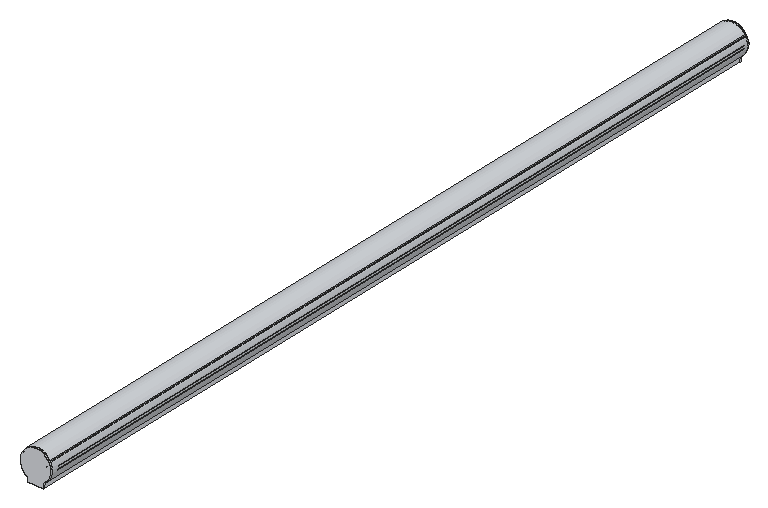
Revit family "Alcon-12185-S-Revit-Family", category Lighting Fixtures, host Face, Revit 2021
Family settings
  Host = Face
  Round Connector Dimension = Use Diameter
  Part Type = Normal
  Cut with Voids When Loaded = No
  Light Source = No
  Shared = No
  Room Calculation Point = No
Parameters (values of type "8'")
  Product Identity = "Alcon Lighting 12185"
  Manufacturer = "Alcon Light"
  Link To Product Page = "https://www.alconlighting.com/12185-s-alcon.html"
  Lens = none
  Length = 8' - 0"
  Housing = none
  Default Elevation = 4' - 0"
Types (5): name | Length
  (no name) | 8' - 0"
  8' | 8' - 0"
  6' | 6' - 0"
  4' | 4' - 0"
  2' | 2' - 0"
Reference planes (in)
  plane 1 "Center (Front/Back)": y = 0
  plane 2: z = 0
  plane 3 "Center (Left/Right)": x = 0
Forms (in)
  Extrusion 1, solid, material <- "Lens"
    sketch origin (0, 0, 0.27923) x (1, 0, 0) y (0, 0, 1)
      loop
        arc (1.44767, 2.59121) -> (0, 3.4) -> (-1.44767, 2.59121) r 1.7
        line (-1.44767, 2.59121) -> (-1.40762, 2.52711)
        arc (-1.40762, 2.52711) -> (0, 3.33264) -> (1.40762, 2.52711) r 1.63264
        line (1.40762, 2.52711) -> (1.44767, 2.59121)
    from 0 to 96
  Extrusion 2, solid, material <- "Housing"
    sketch origin (0, 0, -0.03125) x (1, 0, 0) y (0, 0, 1)
      loop
        line (-0.57134, 0.03125) -> (-0.57134, 0.1181) -> (-0.70987, 0.1181) -> (-0.70987, 0.23991) -> (0.70987, 0.23991) -> (0.70987, 0.1181) -> (0.57134, 0.1181) -> (0.57134, 0.03125) -> (0.88281, 0.03125) -> (0.88281, 0.48171) -> (0.77297, 0.48171) -> (0.77297, 0.33042) -> (0.50214, 0.33042) -> (0.50214, 0.45661) -> (0.60987, 0.45661) -> (0.60987, 0.52837) -> (0.41061, 0.52837) -> (0.41061, 0.33042) -> (-0.41061, 0.33042) -> (-0.41061, 0.52837) -> (-0.60987, 0.52837) -> (-0.60987, 0.45661) -> (-0.50214, 0.45661) -> (-0.50214, 0.33042) -> (-0.77297, 0.33042) -> (-0.77297, 0.48171) -> (-0.88281, 0.48171) -> (-0.88281, 0.03125) -> (-0.57134, 0.03125)
    from 0 to 96
  Extrusion 3, solid, material <- "Housing"
    sketch origin (0, 0, 0) x (1, 0, 0) y (0, 0, 1)
      loop
        arc (0.88281, 0.52642) -> (0, 3.67923) -> (-0.88281, 0.52642) r 1.7
        line (-0.88281, 0.52642) -> (-0.88281, 0) -> (0.88281, 0) -> (0.88281, 0.52642)
    from -0.125 to 0
  Extrusion 4, solid, material <- "Housing"
    sketch origin (0, 0, 0) x (1, 0, 0) y (0, 0, 1)
      loop
        arc (0.88281, 0.52642) -> (0, 3.67923) -> (-0.88281, 0.52642) r 1.7
        line (-0.88281, 0.52642) -> (-0.88281, 0) -> (0.88281, 0) -> (0.88281, 0.52642)
    from 96 to 96.1485
  Extrusion 5, solid, material <- "Housing"
    sketch origin (0, 0, 0.27923) x (1, 0, 0) y (0, 0, 1)
      loop
        line (0.67811, 0.21485) -> (0.67811, 0.5297) -> (-0.67811, 0.5297) -> (-0.67811, 0.21485)
        arc (-0.67811, 0.21485) -> (-1.04532, 0.44588) -> (-1.33871, 0.76547) r 1.63264
        line (-1.33871, 0.76547) -> (-1.33871, 1.13532) -> (-1.19215, 0.98876) -> (-0.92886, 1.20969) -> (-0.98709, 1.26792) -> (-1.1873, 1.09992) -> (-1.29611, 1.20874) -> (-1.1046, 1.36943) -> (-1.1786, 1.44343) -> (-0.98709, 1.60413) -> (-0.98709, 1.85413) -> (-1.44767, 2.59121)
        arc (-1.44767, 2.59121) -> (-1.63487, 1.23395) -> (-0.76013, 0.17941) r 1.7
        line (-0.76013, 0.17941) -> (-0.76013, 0.04374) -> (-0.51612, 0.04374) -> (-0.51612, 0.13051) -> (-0.6255, 0.13051) -> (-0.6255, 0.47445) -> (0.6255, 0.47445) -> (0.6255, 0.13051) -> (0.51612, 0.13051) -> (0.51612, 0.04374) -> (0.76013, 0.04374) -> (0.76013, 0.17941)
        arc (0.76013, 0.17941) -> (1.63487, 1.23395) -> (1.44767, 2.59121) r 1.7
        line (1.44767, 2.59121) -> (0.98709, 1.85413) -> (0.98709, 1.60413) -> (1.1786, 1.44343) -> (1.1046, 1.36943) -> (1.29611, 1.20874) -> (1.1873, 1.09992) -> (0.98709, 1.26792) -> (0.92886, 1.20969) -> (1.19215, 0.98876) -> (1.33871, 1.13532) -> (1.33871, 0.76547)
        arc (1.33871, 0.76547) -> (1.04532, 0.44588) -> (0.67811, 0.21485) r 1.63264
      loop
        line (-1.06912, 1.64238) -> (-1.06912, 1.83061) -> (-1.45288, 2.44475)
        arc (-1.45288, 2.44475) -> (-1.63221, 1.66278) -> (-1.41742, 0.8898) r 1.63264
        line (-1.41742, 0.8898) -> (-1.41742, 1.21403) -> (-1.22591, 1.37473) -> (-1.29991, 1.44873) -> (-1.06912, 1.64238)
      loop
        line (1.06912, 1.64238) -> (1.29991, 1.44873) -> (1.22591, 1.37473) -> (1.41742, 1.21403) -> (1.41742, 0.8898)
        arc (1.41742, 0.8898) -> (1.63221, 1.66278) -> (1.45288, 2.44475) r 1.63264
        line (1.45288, 2.44475) -> (1.06912, 1.83061) -> (1.06912, 1.64238)
    from 0 to 96
Dimensions and locks (in)
  "Length": plane 1 "Center (Front/Back)" to Extrusion 5
  locked: Extrusion 5 to Extrusion 4 at 0.1485
  aligned and locked: plane 2 to host face
  aligned and locked: level to host face
  aligned and locked: Extrusion 5 to Extrusion 1
  aligned and locked: Extrusion 2 to Extrusion 5
  aligned and locked: Extrusion 4 to Extrusion 1
Automatic sketch dimensions
  host sketch curve to host sketch curve = 8' - 0"
  host sketch curve to host sketch curve = 11' - 2.01871"
  Extrusion 1 sketch curve to Extrusion 1 sketch curve = 0' - 0"  (x2)
  Extrusion 1 sketch curve to plane 3 "Center (Left/Right)" = 0' - 0"
  Extrusion 1 sketch curve to plane 3 "Center (Left/Right)" = 0' - 1.40762"
  Extrusion 1 sketch curve to Extrusion 1 sketch curve = 0' - 0.04005"  (x2)
  plane 3 "Center (Left/Right)" to Extrusion 1 sketch curve = 0' - 1.40762"
  level to Extrusion 1 sketch curve = 0' - 1.97923"
  Extrusion 1 sketch curve to Extrusion 1 sketch curve = 0' - 0.82711"
  Extrusion 1 sketch curve to Extrusion 1 sketch curve = 0' - 0.0641"
  Extrusion 2 sketch curve to level = 0' - 0"  (x2)
  Extrusion 2 sketch curve to plane 3 "Center (Left/Right)" = 0' - 0 113/128"
  Extrusion 2 sketch curve to Extrusion 2 sketch curve = 0' - 0.10984"
  Extrusion 2 sketch curve to Extrusion 2 sketch curve = 0' - 0.0631"  (x2)
  Extrusion 2 sketch curve to Extrusion 2 sketch curve = 0' - 0.1631"
  Extrusion 2 sketch curve to Extrusion 2 sketch curve = 0' - 0.13853"  (x2)
  Extrusion 2 sketch curve to Extrusion 2 sketch curve = 0' - 0.10774"  (x2)
  Extrusion 2 sketch curve to Extrusion 2 sketch curve = 0' - 0.09152"  (x2)
  plane 3 "Center (Left/Right)" to Extrusion 2 sketch curve = 0' - 0.41061"
  level to Extrusion 2 sketch curve = 0' - 0.08685"  (x2)
  Extrusion 2 sketch curve to Extrusion 2 sketch curve = 0' - 0.06921"
  Extrusion 2 sketch curve to Extrusion 2 sketch curve = 0' - 0.17294"
  Extrusion 2 sketch curve to Extrusion 2 sketch curve = 0' - 0.12181"
  Extrusion 2 sketch curve to Extrusion 2 sketch curve = 0' - 0.21232"
  Extrusion 2 sketch curve to Extrusion 2 sketch curve = 0' - 0.09051"
  Extrusion 2 sketch curve to Extrusion 2 sketch curve = 0' - 0"
  Extrusion 2 sketch curve to Extrusion 2 sketch curve = 0' - 0.12619"  (x2)
  Extrusion 2 sketch curve to Extrusion 2 sketch curve = 0' - 0.15129"  (x2)
  Extrusion 2 sketch curve to Extrusion 2 sketch curve = 0' - 0.07176"  (x2)
  Extrusion 3 sketch curve to level = 0' - 0"
  Extrusion 3 sketch curve to plane 3 "Center (Left/Right)" = 0' - 0"
  Extrusion 3 sketch curve to plane 3 "Center (Left/Right)" = 0' - 0 113/128"
  plane 3 "Center (Left/Right)" to Extrusion 3 sketch curve = 0' - 0 113/128"
  Extrusion 3 sketch curve to Extrusion 3 sketch curve = 0' - 0.52642"
  Extrusion 3 sketch curve to Extrusion 3 sketch curve = 0' - 1.4528"
  Extrusion 4 sketch curve to level = 0' - 0"
  Extrusion 4 sketch curve to plane 3 "Center (Left/Right)" = 0' - 0"
  Extrusion 4 sketch curve to plane 3 "Center (Left/Right)" = 0' - 0 113/128"
  plane 3 "Center (Left/Right)" to Extrusion 4 sketch curve = 0' - 0 113/128"
  Extrusion 4 sketch curve to Extrusion 4 sketch curve = 0' - 0.52642"
  Extrusion 4 sketch curve to Extrusion 4 sketch curve = 0' - 1.4528"
  Extrusion 5 sketch curve to Extrusion 5 sketch curve = 0' - 0"  (x30)
  Extrusion 5 sketch curve to plane 3 "Center (Left/Right)" = 0' - 0"
  Extrusion 5 sketch curve to plane 3 "Center (Left/Right)" = 0' - 0.51612"
  Extrusion 5 sketch curve to Extrusion 5 sketch curve = 0' - 0 7/64"  (x2)
  Extrusion 5 sketch curve to Extrusion 5 sketch curve = 0' - 0.05262"  (x2)
  Extrusion 5 sketch curve to Extrusion 5 sketch curve = 0' - 0 21/256"  (x3)
  Extrusion 5 sketch curve to Extrusion 5 sketch curve = 0' - 0.25075"  (x2)
  Extrusion 5 sketch curve to Extrusion 5 sketch curve = 0' - 0.05823"  (x6)
  Extrusion 5 sketch curve to Extrusion 5 sketch curve = 0' - 0.11751"  (x2)
  Extrusion 5 sketch curve to Extrusion 5 sketch curve = 0' - 0.074"  (x6)
  Extrusion 5 sketch curve to Extrusion 5 sketch curve = 0' - 0.20021"  (x2)
  Extrusion 5 sketch curve to Extrusion 5 sketch curve = 0' - 0.00485"  (x2)
  Extrusion 5 sketch curve to Extrusion 5 sketch curve = 0' - 0.04731"  (x2)
  Extrusion 5 sketch curve to Extrusion 5 sketch curve = 0' - 0.10881"  (x2)
  Extrusion 5 sketch curve to Extrusion 5 sketch curve = 0' - 0.0426"  (x2)
  Extrusion 5 sketch curve to Extrusion 5 sketch curve = 0' - 0.07871"  (x4)
  Extrusion 5 sketch curve to Extrusion 5 sketch curve = 0' - 0.37855"  (x2)
  Extrusion 5 sketch curve to Extrusion 5 sketch curve = 0' - 0.00521"  (x2)
  plane 3 "Center (Left/Right)" to Extrusion 5 sketch curve = 0' - 0.51612"
  Extrusion 5 sketch curve to Extrusion 5 sketch curve = 0' - 0.13464"
  level to Extrusion 5 sketch curve = 0' - 0.32296"  (x2)
  Extrusion 5 sketch curve to Extrusion 5 sketch curve = 0' - 0.08677"  (x2)
  Extrusion 5 sketch curve to Extrusion 5 sketch curve = 0' - 0.13567"  (x2)
  Extrusion 5 sketch curve to Extrusion 5 sketch curve = 0' - 0.03544"  (x2)
  Extrusion 5 sketch curve to Extrusion 5 sketch curve = 0' - 0.2596"
  Extrusion 5 sketch curve to Extrusion 5 sketch curve = 0' - 0.05525"
  Extrusion 5 sketch curve to Extrusion 5 sketch curve = 0' - 0.23576"
  Extrusion 5 sketch curve to Extrusion 5 sketch curve = 0' - 0.12433"  (x2)
  Extrusion 5 sketch curve to Extrusion 5 sketch curve = 0' - 0.09896"  (x2)
  Extrusion 5 sketch curve to Extrusion 5 sketch curve = 0' - 0.11116"  (x2)
  Extrusion 5 sketch curve to Extrusion 5 sketch curve = 0' - 0.0354"  (x2)
  Extrusion 5 sketch curve to Extrusion 5 sketch curve = 0' - 0.07341"  (x2)
  Extrusion 5 sketch curve to Extrusion 5 sketch curve = 0' - 0.10977"  (x2)
  Extrusion 5 sketch curve to Extrusion 5 sketch curve = 0' - 0.10152"  (x2)
  Extrusion 5 sketch curve to Extrusion 5 sketch curve = 0' - 0.0053"  (x2)
  Extrusion 5 sketch curve to Extrusion 5 sketch curve = 0' - 0.0687"  (x2)
  Extrusion 5 sketch curve to Extrusion 5 sketch curve = 0' - 0.1607"  (x2)
  Extrusion 5 sketch curve to Extrusion 5 sketch curve = 0' - 0.03825"  (x2)
  Extrusion 5 sketch curve to Extrusion 5 sketch curve = 0' - 0.18823"  (x2)
  Extrusion 5 sketch curve to Extrusion 5 sketch curve = 0' - 0.02352"  (x2)
